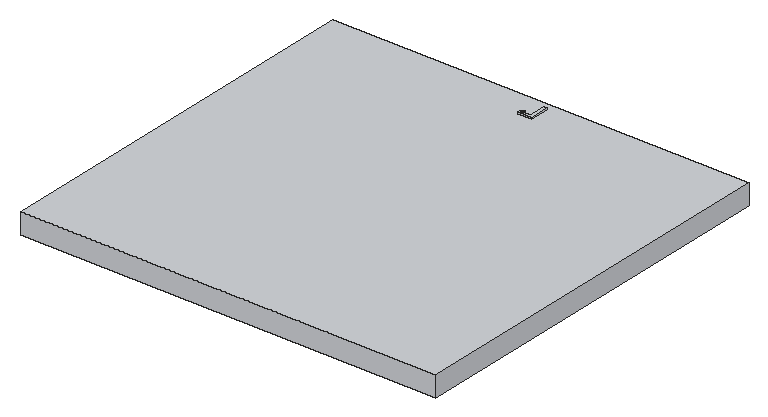
Revit family "Upper_CableCronstein", category Обобщенные модели, Revit 2021
Family settings
  Основа = Грань
  Может служить основой для арматурных стержней = Нет
  Размер круглого соединителя = Использовать диаметр
  Тип детали = Нормальный
  При загрузке вырезать с полостями = Нет
  Общий = Нет
  Точка принадлежности помещению = Нет
Parameters (values of type "UWC1400")
  Default Elevation = 1219.2 mm
  TubingLength = 1400 mm
  MovingFromBase = (TubingLength / 2) - 24 mm  # 676 mm
Types (2, lengths in mm): name | TubingLength | MovingFromBase
  UWC1400 | 1400 | 676
  UWC1200 | 1200 | 576
Reference planes
  plane 1 "По центру (Вперед/Назад)": y = 0
  plane 2: z = 0
  plane 3 "По центру (Влево/Вправо)": x = 0
  plane 4 "1": z = 10
Forms (mm)
  Extrusion 1, solid
    sketch origin (0, 0, 0) x (1, 0, 0) y (0, 1, 0)
      loop
        line (-3200, 2800) -> (-3200, -2920.03) -> (2893.021, -2920.03) -> (2893.021, 2800) -> (-3200, 2800)
    from 0 to -304.8
  Sweep 2, solid
    path origin (0, 0, 0) x (-1, 0, 0) y (0, -1, 0)
      loop
        line (175, -2416.999) -> (-20, -2416.999) -> (-20, -2700)
    profile origin (20, 2558.499, 0) x (-1, 0, 0) y (0, 0, 1)
      loop
        line (0, 0) -> (40, 0) -> (40, 20) -> (0, 20) -> (0, 0)
  Revolve 3, solid
    sketch origin (0, 0, 10) x (0, 1, 0) y (-1, 0, 0)
      loop
        line (2467.648, 150) -> (2502.648, 150) -> (2502.648, 153)
        arc (2502.648, 153) -> (2502.355, 153.707) -> (2501.648, 154) r 1
        line (2501.648, 154) -> (2493.648, 154)
        arc (2493.648, 154) -> (2492.941, 154.293) -> (2492.648, 155) r 1
        line (2492.648, 155) -> (2492.648, 159)
        arc (2492.648, 159) -> (2492.355, 159.707) -> (2491.648, 160) r 1
        line (2491.648, 160) -> (2468.648, 160)
        arc (2468.648, 160) -> (2467.941, 159.707) -> (2467.648, 159) r 1
        line (2467.648, 159) -> (2467.648, 150)
      axis (2467.648, 150) -> (2502.648, 150)
    angle from 0 to 360
  Sweep 4, solid
    path origin (0, 0, 0) x (-1, 0, 0) y (0, -1, 0)
      loop
        line (150, -2467.648) -> (150, -2456.999)
    profile origin (-150, 2462.323, 0) x (1, 0, 0) y (0, 0, 1)
      loop
        circle (0, 10) r 1
Dimensions and locks
  aligned and locked: Extrusion 1 to plane 2
  aligned and locked: Extrusion 1 to level
